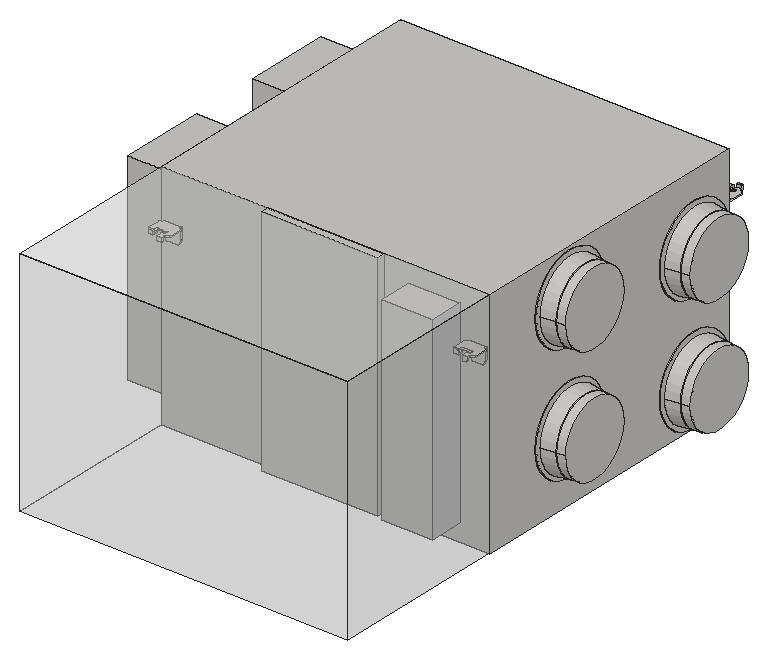
Revit family "outputfile", category 機械設備, Revit 2024
Family settings
  丸型コネクタ寸法 = 半径を使用
  パーツ タイプ = 標準
  OmniClass 番号 = 23.75.10.34.21
  OmniClass タイトル = Heat Exchangers for Ventilation Air
  作業面ベース = いいえ
  常に垂直 = はい
  ロード時にボイドで切り取り = いいえ
  注釈の向きを維持 = いいえ
  共有 = いいえ
  部屋計算ポイント = はい
Parameters (values of type "VAM1500HVE")
  Description = ""
  製造元 = "Daikin"
  書き出し IFC クラス(タイプ) = "IfcAirToAirHeatRecoveryType"
  定義済み IFC タイプ(タイプ) = "ROTARYWHEEL"
  Cost = 0
  モデル = "VAM1500HVE"
  Type Comments = ""
  Keynote = ""
  Type Image = (empty or 0)
  Assembly Code = ""
  w_maintenacecover = 395.0 mm  # constant formula
  r2_airconnection_top = 123.0 mm  # constant formula
  r1_airconnection_top = 125.0 mm  # constant formula
  r1_airconnection_bottom = 131.5 mm  # constant formula
  r0_airconnection = 146.0 mm  # constant formula
  Voltage_comment_60Hz = "220-240"
  Voltage_comment_50Hz = "220-240"
  Voltage_60Hz = 220 V
  Voltage_50Hz = 220 V
  URL = ""
  Phase_60Hz = 1
  Phase_50Hz = 1
  Minimum External Static Pressure = 123.00 Pa
  Minimum Circuit Amps_60Hz = 9.44 A
  Minimum Circuit Amps_50Hz = 9.44 A
  Maximum Fuse Amps_60Hz = 15.0 A
  Maximum Fuse Amps_50Hz = 15.0 A
  Maximum External Static Pressure = 215.00 Pa
  Material_Casing = DAIKIN_GalvanizedSteel_Casing_indoorunit
  lw_mountinghole = 1034.0 mm  # constant formula
  w_controlbox_right = 101.0 mm  # constant formula
  w_controlbox = 170.0 mm  # constant formula
  r_SAduct = SA Duct Size Diameter / 2  # 125.0 mm
  r_RAduct = RA Duct Size Diameter / 2  # 125.0 mm
  lh_mounting = lh_mountinghole + [h***]  # 625.0 mm
  lh_antena = Height - lh_mountinghole + 1.0 mm  # 161.0 mm
  lh_SA1 = 235.0 mm  # constant formula
  lh_SA2 = 632.0 mm  # constant formula
  lh_RA1 = 153.0 mm  # constant formula
  lh_RA2 = 550.0 mm  # constant formula
  lh_OA = 433.0 mm  # constant formula
  lh_EA = 433.0 mm  # constant formula
  ld_SA = 333.0 mm  # constant formula
  ld_RA = 152.0 mm  # constant formula
  ld_OA = 152.0 mm  # constant formula
  ld_EA = 333.0 mm  # constant formula
  lh_mountinghole = 625.0 mm  # constant formula
  h_controlbox = 666.0 mm  # constant formula
  h*** = 0.0 mm  # constant formula
  d_total_airconnection = d1_airconnection + d2_airconnection  # 89.0 mm
  d_outdoorductsize = 120.0 mm  # constant formula
  d_maintenacecover = 26.0 mm  # constant formula
  ld_mountinghole = 1115.0 mm  # constant formula
  d_controlbox = 117.0 mm  # constant formula
  d2_airconnection = 31.0 mm  # constant formula
  d1_airconnection = 58.0 mm  # constant formula
  d0_airconnection = 6.5 mm  # constant formula
  Width = 1110.0 mm
  Version = "ver.1.0"
  Unit Type = "Heat Recovery Ventilator"
  Unit Mass Weight = 133.00 kg
  Unit Designation [instance] = ""
  Uniclass2015Version = "Products v1.30"
  Uniclass2015Title = "Thermal wheels"
  Uniclass2015Code = "Pr_60_60_36_88"
  Temperature exchange efficiency (Heating) = 77.50%
  Temperature exchange efficiency (Cooling) = 61.50%
  Supply Air Direction [instance] = yes
  Sound Pressure Level_M speed (dBA) = 41
  Sound Pressure Level_L speed (dBA) = 38
  Sound Pressure Level_H speed (dBA) = 43
  Series = "VRV Fan Coil Unit"
  SA Duct Size Diameter = 250.0 mm
  Refrigerant Type = ""
  RA Duct Size Diameter = 250.0 mm
  Option Accessory 3 [instance] = ""
  Option Accessory 2 [instance] = ""
  Option Accessory 1 [instance] = ""
  OA Duct Size Width = 290.0 mm
  OA Duct Size Height = 680.0 mm
  Nominal Airflow = 1500.00 m³/h
  Minimum Airflow = 600.00 m³/h
  Median Airflow = 0.00 m³/h
  Maximum Airflow = 2350.00 m³/h
  Load Classification = HVAC
  Link_Nested Family [instance] = ""
  IfcVersion = "0"
  IfcExportType = "ROTARYWHEEL"
  IfcExportAs = "IfcAirToAirHeatRecoveryType"
  Height = 785.0 mm
  Heating Entering Wet Bulb Temperature [instance] = 0.00 °C
  Heating Entering Dry Bulb Temperature [instance] = 0.00 °C
  Heating Ambient Wet Bulb Temperature [instance] = 0.00 °C
  Heating Ambient Dry Bulb Temperature [instance] = 0.00 °C
  Frequency_60Hz = 60 Hz
  Frequency_50Hz = 50 Hz
  Fan Type = "Sirocco Fan"
  Fan Drive = "Direct Drive"
  FCU Tag No. [instance] = ""
  Enthalpy exchange efficiency (Heating) = 72.00%
  Enthalpy exchange efficiency (Cooling) = 63.00%
  EA Duct Size Width = 290.0 mm
  EA Duct Size Height = 680.0 mm
  Design Supply Airflow [instance] = 0.00 m³/h
  Design Return Airflow [instance] = 0.00 m³/h
  Design Outdoor Airflow [instance] = 0.00 m³/h
  Design External Static Pressure [instance] = 0.00 Pa
  Design Exhaust Airflow [instance] = 0.00 m³/h
  Depth = 1012.0 mm
  既定の高さ = 0.0 mm
  Cooling Entering Wet Bulb Temperature [instance] = 0.00 °C
  Cooling Entering Dry Bulb Temperature [instance] = 0.00 °C
  Cooling Ambient Wet Bulb Temperature [instance] = 0.00 °C
  Cooling Ambient Dry Bulb Temperature [instance] = 0.00 °C
  Clearance visibility [instance] = yes
  Clearance Top = 0.0 mm
  Clearance Right = 0.0 mm
  Clearance Rear = 0.0 mm
  Clearance Left = 0.0 mm
  Clearance Front = 600.0 mm
  Clearance Bottom = 0.0 mm
Reference planes
  plane 1 "Center (Front/Back)": y = 0
  plane 2: z = 0
  plane 3 "Center (Left/Right)": x = 0
  plane 4 "Back": y = 506
  plane 5 "Front": y = -506
  plane 6 "Left": x = -555
  plane 7 "Right": x = 555
  plane 8 "Top": z = 0
  plane 9 "mountinghole_Left": x = -517
  plane 10 "mountinghole_Right": x = 517
  plane 11 "mountinghole_Back": y = 557.5
  plane 12 "mountinghole_Front": y = -557.5
  plane 13 "Center (Elevation)": z = -392.5
  plane 14 "h_mounting": z = -160
  plane 15 "w_maintenacecover_left": x = -197.5
  plane 16 "w_maintenacecover_right": x = 197.5
  plane 17 "Clearance Front": y = -1106
  plane 18 "Clearance Left": x = -555
  plane 19 "Clearance Right": x = 555
  plane 20 "Clearance Rear": y = 506
  plane 21 "Clearance Top": z = 0
  plane 22 "Clearance Bottom": z = -785
  plane 23 "d_maintenacecover": y = -532
  plane 24 "d_controlbox": y = -623
  plane 25 "w_controlbox_left": x = 284
  plane 26 "w_controlbox_right": x = 454
  plane 27 "Bottom": z = -785
  plane 28 "h_controlbox_top": z = -59.5
  plane 29 "h_controlbox_bottom": z = -725.5
  plane 30 "lh_OA": z = -352
  plane 31 "lh_EA": z = -352
  plane 32 "lh_SA": z = -550
  plane 33 "lh_RA": z = -632
  plane 34 "ld_EA": y = 173
  plane 35 "ld_OA": y = -354
  plane 36 "ld_RA": y = 354
  plane 37 "ld_SA": y = -173
  plane 38 "d_outdoorductsize": x = -675
  plane 39 "lh_RA_above": z = -235
  plane 40 "lh_SA_above": z = -153
  plane 41 "lw_powersuply": x = 369
  plane 42 "lh_powersuply": z = -393
Forms (mm)
  Extrusion 1, solid, material "DAIKIN_GalvanizedSteel_Casing_indoorunit" <- "Material_Casing"
    sketch origin (0, 0, 200) x (1, 0, 0) y (0, 1, 0)
      loop
        line (-555, 506) -> (-555, -506) -> (555, -506) -> (555, 506) -> (-555, 506)
    from -985 to -200
  Extrusion 2, solid, material "DAIKIN_GalvanizedSteel_Casing_indoorunit" <- "Material_Casing"
    sketch origin (0, 0, 0) x (1, 0, 0) y (0, 1, 0)
      loop
        line (-197.5, -506) -> (-197.5, -532) -> (197.5, -532) -> (197.5, -506) -> (-197.5, -506)
    from -785 to 0
  Extrusion 3, solid, material "DAIKIN_GalvanizedSteel_Casing_indoorunit" <- "Material_Casing"
    sketch origin (0, 0, 0) x (1, 0, 0) y (0, 1, 0)
      loop
        line (284, -506) -> (284, -623) -> (454, -623) -> (454, -506) -> (284, -506)
    from -725.5 to -59.5
  Extrusion 4, solid, material "DAIKIN_GalvanizedSteel_Casing_indoorunit" <- "Material_Casing"
    sketch origin (0, 0, 0) x (0, 1, 0) y (0, 0, 1)
      loop
        line (318, -12) -> (28, -12) -> (28, -692) -> (318, -692) -> (318, -12)
    from -675 to -555
  Extrusion 5, solid, material "DAIKIN_GalvanizedSteel_Casing_indoorunit" <- "Material_Casing"
    sketch origin (0, 0, 0) x (0, 1, 0) y (0, 0, 1)
      loop
        line (-209, -12) -> (-499, -12) -> (-499, -692) -> (-209, -692) -> (-209, -12)
    from -555 to -675
Dimensions and locks
  equal spacing: plane 6 "Left", plane 3 "Center (Left/Right)", plane 7 "Right"
  "Width": plane 6 "Left" to plane 7 "Right"
  equal spacing: plane 4 "Back", plane 1 "Center (Front/Back)", plane 5 "Front"
  "Depth": plane 4 "Back" to plane 5 "Front"
  "lw_mountinghole": plane 9 "mountinghole_Left" to plane 10 "mountinghole_Right"
  equal spacing: plane 9 "mountinghole_Left", plane 3 "Center (Left/Right)", plane 10 "mountinghole_Right"
  equal spacing: plane 11 "mountinghole_Back", plane 1 "Center (Front/Back)", plane 12 "mountinghole_Front"
  "ld_mountinghole": plane 11 "mountinghole_Back" to plane 12 "mountinghole_Front"
  "Clearance Front": plane 5 "Front" to plane 17 "Clearance Front"
  "Clearance Left": plane 18 "Clearance Left" to plane 6 "Left"
  "Clearance Right": plane 7 "Right" to plane 19 "Clearance Right"
  "Clearance Rear": plane 4 "Back" to plane 20 "Clearance Rear"
  "w_controlbox_right": plane 26 "w_controlbox_right" to plane 7 "Right"
  "w_controlbox": plane 25 "w_controlbox_left" to plane 26 "w_controlbox_right"
  equal spacing: plane 15 "w_maintenacecover_left", plane 3 "Center (Left/Right)", plane 16 "w_maintenacecover_right"
  "w_maintenacecover": plane 15 "w_maintenacecover_left" to plane 16 "w_maintenacecover_right"
  "lh_mountinghole": plane 14 "h_mounting" to plane 27 "Bottom"
  "Height": plane 8 "Top" to plane 27 "Bottom"
  equal spacing: plane 8 "Top", plane 13 "Center (Elevation)", plane 27 "Bottom"
  "Clearance Top": plane 21 "Clearance Top" to plane 8 "Top"
  "Clearance Bottom": plane 27 "Bottom" to plane 22 "Clearance Bottom"
  equal spacing: plane 28 "h_controlbox_top", plane 13 "Center (Elevation)", plane 29 "h_controlbox_bottom"
  "h_controlbox": plane 28 "h_controlbox_top" to plane 29 "h_controlbox_bottom"
  "d_controlbox": plane 5 "Front" to plane 24 "d_controlbox"
  "d_maintenacecover": plane 5 "Front" to plane 23 "d_maintenacecover"
  "lh_SA1": plane 32 "lh_SA" to plane 27 "Bottom"
  "lh_RA1": plane 33 "lh_RA" to plane 27 "Bottom"
  "ld_OA": plane 35 "ld_OA" to plane 5 "Front"
  "ld_EA": plane 4 "Back" to plane 34 "ld_EA"
  "ld_RA": plane 4 "Back" to plane 36 "ld_RA"
  "ld_SA": plane 37 "ld_SA" to plane 5 "Front"
  "lh_EA": plane 31 "lh_EA" to plane 27 "Bottom"
  "lh_OA": plane 30 "lh_OA" to plane 27 "Bottom"
  equal spacing: Extrusion 4 sketch curve, plane 34 "ld_EA", Extrusion 4 sketch curve
  "EA Duct Size Width": Extrusion 4 sketch curve to Extrusion 4 sketch curve
  "EA Duct Size Height": Extrusion 4 sketch curve to Extrusion 4 sketch curve
  equal spacing: Extrusion 5 sketch curve, plane 35 "ld_OA", Extrusion 5 sketch curve
  "OA Duct Size Width": Extrusion 5 sketch curve to Extrusion 5 sketch curve
  equal spacing: Extrusion 4 sketch curve, plane 31 "lh_EA", Extrusion 4 sketch curve
  equal spacing: Extrusion 5 sketch curve, plane 30 "lh_OA", Extrusion 5 sketch curve
  "OA Duct Size Height": Extrusion 5 sketch curve to Extrusion 5 sketch curve
  "d_outdoorductsize": plane 38 "d_outdoorductsize" to plane 6 "Left"
  "lh_SA2": plane 40 "lh_SA_above" to plane 27 "Bottom"
  "lh_RA2": plane 39 "lh_RA_above" to plane 27 "Bottom"
  locked: plane 41 "lw_powersuply" to plane 7 "Right" at 186
  locked: plane 42 "lh_powersuply" to plane 27 "Bottom" at 392
  aligned and locked: level to plane 2
  aligned and locked: Extrusion 1 sketch curve to plane 4 "Back"
  aligned and locked: plane 6 "Left" to Extrusion 1 sketch curve
  aligned and locked: plane 5 "Front" to Extrusion 1 sketch curve
  aligned and locked: Extrusion 1 sketch curve to plane 7 "Right"
  aligned and locked: plane 8 "Top" to Extrusion 1
  aligned and locked: nested 1 to plane 10 "mountinghole_Right"
  aligned and locked: nested 1 to plane 5 "Front"
  aligned and locked: plane 9 "mountinghole_Left" to nested 2
  aligned and locked: nested 2 to plane 5 "Front"
  aligned and locked: plane 4 "Back" to nested 3
  aligned and locked: plane 10 "mountinghole_Right" to nested 3
  aligned and locked: nested 4 to plane 9 "mountinghole_Left"
  aligned and locked: plane 4 "Back" to nested 4
  aligned and locked: nested 6 to plane 10 "mountinghole_Right"
  aligned and locked: nested 6 to plane 11 "mountinghole_Back"
  aligned and locked: plane 9 "mountinghole_Left" to nested 7
  aligned and locked: nested 7 to plane 11 "mountinghole_Back"
  aligned and locked: plane 9 "mountinghole_Left" to nested 8
  aligned and locked: plane 12 "mountinghole_Front" to nested 8
  aligned and locked: plane 12 "mountinghole_Front" to nested 9
  aligned and locked: nested 9 to plane 10 "mountinghole_Right"
  aligned and locked: plane 14 "h_mounting" to nested 3
  aligned and locked: plane 14 "h_mounting" to nested 1
  aligned and locked: plane 14 "h_mounting" to nested 4
  aligned and locked: plane 14 "h_mounting" to nested 2
  aligned and locked: nested 5 to plane 17 "Clearance Front"
  aligned and locked: nested 5 to plane 18 "Clearance Left"
  aligned and locked: nested 5 to plane 19 "Clearance Right"
  aligned and locked: nested 5 to plane 20 "Clearance Rear"
  aligned and locked: nested 5 to plane 22 "Clearance Bottom"
  aligned and locked: nested 5 to plane 21 "Clearance Top"
  aligned and locked: plane 27 "Bottom" to Extrusion 1
  aligned and locked: plane 23 "d_maintenacecover" to Extrusion 2 sketch curve
  aligned and locked: plane 16 "w_maintenacecover_right" to Extrusion 2 sketch curve
  aligned and locked: plane 15 "w_maintenacecover_left" to Extrusion 2 sketch curve
  aligned and locked: Extrusion 2 sketch curve to plane 5 "Front"
  aligned and locked: plane 8 "Top" to Extrusion 2
  aligned and locked: Extrusion 2 to plane 27 "Bottom"
  aligned and locked: plane 24 "d_controlbox" to Extrusion 3 sketch curve
  aligned and locked: plane 25 "w_controlbox_left" to Extrusion 3 sketch curve
  aligned and locked: Extrusion 3 sketch curve to plane 5 "Front"
  aligned and locked: Extrusion 3 sketch curve to plane 26 "w_controlbox_right"
  aligned and locked: plane 28 "h_controlbox_top" to Extrusion 3
  aligned and locked: plane 29 "h_controlbox_bottom" to Extrusion 3
  aligned and locked: plane 36 "ld_RA" to nested 10
  aligned and locked: plane 7 "Right" to nested 10
  aligned and locked: plane 37 "ld_SA" to nested 11
  aligned and locked: plane 7 "Right" to nested 11
  aligned and locked: plane 32 "lh_SA" to nested 11
  aligned and locked: plane 33 "lh_RA" to nested 10
  aligned and locked: plane 37 "ld_SA" to nested 13
  aligned and locked: plane 7 "Right" to nested 13
  aligned and locked: plane 36 "ld_RA" to nested 14
  aligned and locked: plane 7 "Right" to nested 14
  aligned and locked: nested 16 to plane 34 "ld_EA"
  aligned and locked: nested 15 to plane 35 "ld_OA"
  aligned and locked: nested 16 to plane 6 "Left"
  aligned and locked: nested 15 to plane 6 "Left"
  aligned and locked: plane 31 "lh_EA" to nested 15
  aligned and locked: nested 16 to plane 31 "lh_EA"
  aligned and locked: nested 14 to plane 33 "lh_RA"
  aligned and locked: nested 13 to plane 32 "lh_SA"
  aligned and locked: Extrusion 4 to plane 6 "Left"
  aligned and locked: Extrusion 4 to plane 38 "d_outdoorductsize"
  aligned and locked: plane 6 "Left" to Extrusion 5
  aligned and locked: Extrusion 5 to plane 38 "d_outdoorductsize"
  aligned and locked: plane 37 "ld_SA" to nested 12
  aligned and locked: nested 17 to plane 36 "ld_RA"
  aligned and locked: plane 37 "ld_SA" to nested 18
  aligned and locked: plane 39 "lh_RA_above" to nested 17
  aligned and locked: plane 40 "lh_SA_above" to nested 18
  aligned and locked: plane 7 "Right" to nested 19
  aligned and locked: plane 36 "ld_RA" to nested 19
  aligned and locked: nested 19 to plane 39 "lh_RA_above"
  aligned and locked: plane 7 "Right" to nested 20
  aligned and locked: plane 37 "ld_SA" to nested 20
  aligned and locked: nested 20 to plane 40 "lh_SA_above"
  aligned and locked: nested 21 to plane 5 "Front"
  aligned and locked: plane 41 "lw_powersuply" to nested 21
  aligned and locked: plane 42 "lh_powersuply" to nested 21
Nested families
  nested 1: "daikin_hangerfixture_VAM-HVE_1500-2000" at (517, -506, -160), type "daikin_hangerfixture_VAM-HVE_1500-2000"
    with depth 76.5 mm
  nested 2: "daikin_hangerfixture_VAM-HVE_1500-2000" at (-517, -506, -160), type "daikin_hangerfixture_VAM-HVE_1500-2000"
    with depth 76.5 mm
  nested 3: "daikin_hangerfixture_VAM-HVE_1500-2000" at (517, 506, -160) x (-1, 0, 0) z (0, 0, 1), type "daikin_hangerfixture_VAM-HVE_1500-2000"
    with depth 76.5 mm
  nested 4: "daikin_hangerfixture_VAM-HVE_1500-2000" at (-517, 506, -160) x (-1, 0, 0) z (0, 0, 1), type "daikin_hangerfixture_VAM-HVE_1500-2000"
    with depth 76.5 mm
  nested 5: "daikin_clearancespace" at (0, -300, -392.381), visible <- "Clearance visibility", show <- "Clearance visibility", Link_Nested Family <- "Link_Nested Family", type "daikin_clearancespace"
    with width 1110.0 mm, show yes, height 785.0 mm, depth 1612.0 mm, Link_Nested Family ""
  nested 6: "daikin_mountinghole" at (517, 557.5, -785), l_antenna <- "lh_antena", Link_Nested Family <- "Link_Nested Family", h_mountinghole <- "lh_mounting", type "daikin_mountinghole"
    with show yes, l_antenna 161.0 mm, h_mountinghole 625.0 mm, Link_Nested Family ""
  nested 7: "daikin_mountinghole" at (-517, 557.5, -785), l_antenna <- "lh_antena", Link_Nested Family <- "Link_Nested Family", h_mountinghole <- "lh_mounting", type "daikin_mountinghole"
    with show yes, l_antenna 161.0 mm, h_mountinghole 625.0 mm, Link_Nested Family ""
  nested 8: "daikin_mountinghole" at (-517, -557.5, -785), l_antenna <- "lh_antena", Link_Nested Family <- "Link_Nested Family", h_mountinghole <- "lh_mounting", type "daikin_mountinghole"
    with show yes, l_antenna 161.0 mm, h_mountinghole 625.0 mm, Link_Nested Family ""
  nested 9: "daikin_mountinghole" at (517, -557.5, -785), l_antenna <- "lh_antena", Link_Nested Family <- "Link_Nested Family", h_mountinghole <- "lh_mounting", type "daikin_mountinghole"
    with show yes, l_antenna 161.0 mm, h_mountinghole 625.0 mm, Link_Nested Family ""
  nested 10: "daikin_airconnection_VAM-HVE_1500-2000" at (555, 354, -632) x (0, 1, 0) z (0, 0, 1), d0 <- "d0_airconnection", d1 <- "d1_airconnection", d2 <- "d2_airconnection", r0 <- "r0_airconnection", r1_bottom <- "r1_airconnection_bottom", r1_top <- "r1_airconnection_top", r2_top <- "r2_airconnection_top", type "daikin_airconnection_VAM-HVE_1500-2000"
    with r2_top 123.0 mm, r2_bottom 125.0 mm, r1_top 125.0 mm, r1_bottom 131.5 mm, r0 146.0 mm, d_total 89.0 mm, d2 31.0 mm, d1 58.0 mm, d0 6.5 mm
  nested 11: "daikin_airconnection_VAM-HVE_1500-2000" at (555, -173, -550) x (0, 1, 0) z (0, 0, 1), d0 <- "d0_airconnection", d1 <- "d1_airconnection", d2 <- "d2_airconnection", r0 <- "r0_airconnection", r1_bottom <- "r1_airconnection_bottom", r1_top <- "r1_airconnection_top", r2_top <- "r2_airconnection_top", type "daikin_airconnection_VAM-HVE_1500-2000"
    with r2_top 123.0 mm, r2_bottom 125.0 mm, r1_top 125.0 mm, r1_bottom 131.5 mm, r0 146.0 mm, d_total 89.0 mm, d2 31.0 mm, d1 58.0 mm, d0 6.5 mm
  nested 12: "daikin_△_symbolicline" at (0, -173, 785) x (0, 1, 0) z (0, 0, 1), built-in parameter 1001360 <- "Height", visible <- "Supply Air Direction", type "daikin_△_symbolicline"
    with length 500.0 mm
  nested 13: "daikin_connector_rotate2" at (555, -173, -550) x (0, 1, 0) z (0, 0, 1), length <- "d_total_airconnection", radius <- "r_SAduct", type "daikin_connector_rotate2"
    with radius 125.0 mm, length 89.0 mm, angle_vertical 90.00°, show_face no
  nested 14: "daikin_connector_rotate2" at (555, 354, -632) x (0, 1, 0) z (0, 0, 1), length <- "d_total_airconnection", radius <- "r_RAduct", type "daikin_connector_rotate2"
    with radius 125.0 mm, length 89.0 mm, angle_vertical 90.00°, show_face no
  nested 15: "daikin_connector_rotate2" at (-555, -354, -352) x (0, -1, 0) z (0, 0, 1), length <- "d_outdoorductsize", type "daikin_connector_rotate2"
    with radius 10.0 mm, length 120.0 mm, angle_vertical 90.00°, show_face no
  nested 16: "daikin_connector_rotate2" at (-555, 173, -352) x (0, -1, 0) z (0, 0, 1), length <- "d_outdoorductsize", type "daikin_connector_rotate2"
    with radius 10.0 mm, length 120.0 mm, angle_vertical 90.00°, show_face no
  nested 17: "daikin_airconnection_VAM-HVE_1500-2000" at (555, 354, -235) x (0, 1, 0) z (0, 0, 1), d0 <- "d0_airconnection", d1 <- "d1_airconnection", d2 <- "d2_airconnection", r0 <- "r0_airconnection", r1_bottom <- "r1_airconnection_bottom", r1_top <- "r1_airconnection_top", r2_top <- "r2_airconnection_top", type "daikin_airconnection_VAM-HVE_1500-2000"
    with r2_top 123.0 mm, r2_bottom 125.0 mm, r1_top 125.0 mm, r1_bottom 131.5 mm, r0 146.0 mm, d_total 89.0 mm, d2 31.0 mm, d1 58.0 mm, d0 6.5 mm
  nested 18: "daikin_airconnection_VAM-HVE_1500-2000" at (555, -173, -153) x (0, 1, 0) z (0, 0, 1), d0 <- "d0_airconnection", d1 <- "d1_airconnection", d2 <- "d2_airconnection", r0 <- "r0_airconnection", r1_bottom <- "r1_airconnection_bottom", r1_top <- "r1_airconnection_top", r2_top <- "r2_airconnection_top", type "daikin_airconnection_VAM-HVE_1500-2000"
    with r2_top 123.0 mm, r2_bottom 125.0 mm, r1_top 125.0 mm, r1_bottom 131.5 mm, r0 146.0 mm, d_total 89.0 mm, d2 31.0 mm, d1 58.0 mm, d0 6.5 mm
  nested 19: "daikin_connector_rotate2" at (555, 354, -235) x (0, 1, 0) z (0, 0, 1), length <- "d_total_airconnection", radius <- "r_RAduct", type "daikin_connector_rotate2"
    with radius 125.0 mm, length 89.0 mm, angle_vertical 90.00°, show_face no
  nested 20: "daikin_connector_rotate2" at (555, -173, -153) x (0, 1, 0) z (0, 0, 1), length <- "d_total_airconnection", radius <- "r_SAduct", type "daikin_connector_rotate2"
    with radius 125.0 mm, length 89.0 mm, angle_vertical 90.00°, show_face no
  nested 21: "daikin_connector_rotate2" at (369, -506, -393), length <- "d_controlbox", type "daikin_connector_rotate2"
    with radius 10.0 mm, length 117.0 mm, angle_vertical 90.00°, show_face no
Connectors
  hvac at (644, 354, -632), driven by "r_RAduct"
    settings: on nested 14, index 3, duct flow 0.00 m³/h, flow factor 0, pres drop 0.00 Pa, loss coef 0, conn angle 0.00°, conn width 304.8 mm, conn height 304.8 mm, conn diameter 250.0 mm, duct sys type 2, conn prof type 0, flow config 0, flow direction 1, loss method 4, conn ref index -1, conn util no, is conn primary no, conn desc "RA Duct1"
  hvac at (644, -173, -550), driven by "r_SAduct"
    settings: on nested 13, index 4, duct flow 0.00 m³/h, flow factor 0, pres drop 0.00 Pa, loss coef 0, conn angle 0.00°, conn width 304.8 mm, conn height 304.8 mm, conn diameter 250.0 mm, duct sys type 1, conn prof type 0, flow config 0, flow direction 2, loss method 4, conn ref index -1, conn util no, is conn primary yes, conn desc "SA Duct1"
  hvac at (644, -173, -153), driven by "r_SAduct"
    settings: on nested 20, index 6, duct flow 0.00 m³/h, flow factor 0, pres drop 0.00 Pa, loss coef 0, conn angle 0.00°, conn width 304.8 mm, conn height 304.8 mm, conn diameter 250.0 mm, duct sys type 1, conn prof type 0, flow config 0, flow direction 2, loss method 4, conn ref index -1, conn util no, is conn primary no, conn desc "SA Duct2"
  hvac at (644, 354, -235), driven by "r_RAduct"
    settings: on nested 19, index 7, duct flow 0.00 m³/h, flow factor 0, pres drop 0.00 Pa, loss coef 0, conn angle 0.00°, conn width 304.8 mm, conn height 304.8 mm, conn diameter 250.0 mm, duct sys type 2, conn prof type 0, flow config 0, flow direction 1, loss method 4, conn ref index -1, conn util no, is conn primary no, conn desc "RA Duct2"
  hvac at (-675, 173, -352), driven by "EA Duct Size Height", driven by "EA Duct Size Width"
    settings: on nested 16, index 8, duct flow 0.00 m³/h, flow factor 0, pres drop 0.00 Pa, loss coef 0, conn angle 0.00°, conn width 290.0 mm, conn height 680.0 mm, conn diameter 609.6 mm, duct sys type 3, conn prof type 1, flow config 0, flow direction 2, loss method 4, conn ref index -1, conn util no, is conn primary no, conn desc "EA Duct"
  hvac at (-675, -354, -352), driven by "OA Duct Size Height", driven by "OA Duct Size Width"
    settings: on nested 15, index 9, duct flow 0.00 m³/h, flow factor 0, pres drop 0.00 Pa, loss coef 0, conn angle 0.00°, conn width 290.0 mm, conn height 680.0 mm, conn diameter 609.6 mm, duct sys type 1, conn prof type 1, flow config 0, flow direction 1, loss method 4, conn ref index -1, conn util no, is conn primary no, conn desc "OA Duct"
  electrical at (369, -623, -393), driven by "Load Classification"
    settings: on nested 21, index 10, voltage 0 V, apparent load 0 VA, apparent load phase1 0 VA, apparent load phase2 0 VA, apparent load phase3 0 VA, power factor 1, load classification "HVAC", number of poles 1, system type 30, power factor state 1, is connector primary yes, connector utility no, sub classification motor no, connector description "Power Supply"
Definition of nested family "daikin_hangerfixture_VAM-HVE_1500-2000"
  Parameters (values of type "daikin_hangerfixture_VAM")
    width = 76.0 mm
    material = none
    height = 0.0 mm
    depth = 75.0 mm
    Default Elevation = 0.0 mm
  Reference planes
    plane 1 "Center (Front/Back)": y = 0
    plane 2: z = 0
    plane 3 "Center (Left/Right)": x = 0
    plane 4: y = -75
    plane 5: x = -38
    plane 6: x = 38
    plane 7: z = -3.2
    plane 8: z = -57
    plane 9: x = -28
    plane 10: x = 28
    plane 11: y = -3.2
    plane 12: z = 11.8
    plane 13: z = -15
    plane 14: y = -71.8
  Forms (mm)
    Extrusion 1, solid, material <- "material"
      sketch origin (0, 0, 0) x (1, 0, 0) y (0, 1, 0)
        loop
          line (-28, 0) -> (-28, -5)
          arc (-28, -5) -> (-29.464, -8.536) -> (-33, -10) r 5
          arc (-33, -10) -> (-36.536, -11.464) -> (-38, -15) r 5
          line (-38, -15) -> (-38, -52.597)
          arc (-38, -52.597) -> (-37.507, -54.763) -> (-36.123, -56.501) r 5
          line (-36.123, -56.501) -> (-24.877, -65.499)
          arc (-24.877, -65.499) -> (-23.493, -67.237) -> (-23, -69.403) r 5
          line (-23, -69.403) -> (-23, -75) -> (-7, -75) -> (-7, -60)
          arc (-7, -60) -> (-7.879, -57.879) -> (-10, -57) r 3
          line (-10, -57) -> (-13, -57)
          arc (-13, -57) -> (-20, -50) -> (-13, -43) r 7
          line (-13, -43) -> (13, -43)
          arc (13, -43) -> (20, -50) -> (13, -57) r 7
          line (13, -57) -> (10, -57)
          arc (10, -57) -> (7.879, -57.879) -> (7, -60) r 3
          line (7, -60) -> (7, -75) -> (23, -75) -> (23, -69.403)
          arc (23, -69.403) -> (23.493, -67.237) -> (24.877, -65.499) r 5
          line (24.877, -65.499) -> (36.123, -56.501)
          arc (36.123, -56.501) -> (37.507, -54.763) -> (38, -52.597) r 5
          line (38, -52.597) -> (38, -15)
          arc (38, -15) -> (36.536, -11.464) -> (33, -10) r 5
          arc (33, -10) -> (29.464, -8.536) -> (28, -5) r 5
          line (28, -5) -> (28, 0) -> (-28, 0)
      from 0 to -3.2
    Extrusion 2, solid, material <- "material"
      sketch origin (0, 0, 0) x (1, 0, 0) y (0, 0, 1)
        loop
          line (28, 0) -> (-28, 0) -> (-28, -38.882)
          arc (-28, -38.882) -> (-27.88, -39.973) -> (-27.524, -41.011) r 5
          line (-27.524, -41.011) -> (-21.351, -54.129)
          arc (-21.351, -54.129) -> (-19.506, -56.222) -> (-16.827, -57) r 5
          line (-16.827, -57) -> (16.827, -57)
          arc (16.827, -57) -> (19.506, -56.222) -> (21.351, -54.129) r 5
          line (21.351, -54.129) -> (27.524, -41.011)
          arc (27.524, -41.011) -> (27.88, -39.973) -> (28, -38.882) r 5
          line (28, -38.882) -> (28, 0)
      from 0 to 3.2
    Extrusion 3, solid, material <- "material"
      sketch origin (0, 0, 0) x (1, 0, 0) y (0, 0, 1)
        loop
          line (-23, -3.2) -> (-7, -3.2) -> (-7, 8.8)
          arc (-7, 8.8) -> (-7.879, 10.921) -> (-10, 11.8) r 3
          line (-10, 11.8) -> (-20, 11.8)
          arc (-20, 11.8) -> (-22.121, 10.921) -> (-23, 8.8) r 3
          line (-23, 8.8) -> (-23, -3.2)
        loop
          line (7, 0) -> (7, -12)
          arc (7, -12) -> (7.879, -14.121) -> (10, -15) r 3
          line (10, -15) -> (20, -15)
          arc (20, -15) -> (22.121, -14.121) -> (23, -12) r 3
          line (23, -12) -> (23, 0) -> (7, 0)
      from 71.8 to 75
  Cuts and joins
    joined: Extrusion 1, Extrusion 2, Extrusion 3
  Dimensions and locks
    "depth": plane 4 to plane 1 "Center (Front/Back)"
    equal spacing: plane 5, plane 3 "Center (Left/Right)", plane 6
    "width": plane 5 to plane 6
    plane 2 to plane 7 = 3.2 mm
    locked: plane 2 to plane 8 at 57
    locked: plane 9 to plane 10 at 56
    equal spacing: plane 9, plane 3 "Center (Left/Right)", plane 10
    locked: plane 11 to plane 1 "Center (Front/Back)" at 3.2
    locked: plane 12 to plane 7 at 15
    locked: plane 2 to plane 13 at 15
    plane 14 to plane 4 = 3.2 mm
    aligned and locked: level to plane 2
    aligned and locked: plane 1 "Center (Front/Back)" to Extrusion 1 sketch curve
    aligned and locked: plane 4 to Extrusion 1 sketch curve  (x2)
    aligned and locked: Extrusion 1 to plane 5
    aligned and locked: plane 6 to Extrusion 1
    aligned and locked: Extrusion 1 to plane 7
    aligned and locked: Extrusion 2 sketch curve to plane 2
    aligned and locked: Extrusion 2 to plane 8
    aligned and locked: plane 9 to Extrusion 2
    aligned and locked: Extrusion 2 to plane 10
    aligned and locked: Extrusion 2 to plane 1 "Center (Front/Back)"
    aligned and locked: Extrusion 2 to plane 11
    aligned and locked: Extrusion 3 sketch curve to plane 7
    aligned and locked: Extrusion 3 sketch curve to plane 2
    aligned and locked: Extrusion 3 to plane 12
    aligned and locked: Extrusion 3 to plane 13
    aligned and locked: Extrusion 3 to plane 4
    aligned and locked: plane 14 to Extrusion 3
  Automatic sketch dimensions
    plane 3 "Center (Left/Right)" to Extrusion 1 sketch curve = 28.0 mm
    plane 1 "Center (Front/Back)" to Extrusion 1 sketch curve = 5.0 mm
    Extrusion 1 sketch curve to Extrusion 1 sketch curve = 5.0 mm  (x8)
    plane 4 to Extrusion 1 sketch curve = 22.403 mm
    Extrusion 1 sketch curve to Extrusion 1 sketch curve = 1.877 mm  (x2)
    plane 4 to Extrusion 1 sketch curve = 9.501 mm
    Extrusion 1 sketch curve to Extrusion 1 sketch curve = 11.247 mm  (x2)
    Extrusion 1 sketch curve to Extrusion 1 sketch curve = 3.123 mm  (x2)
    Extrusion 1 sketch curve to Extrusion 1 sketch curve = 3.904 mm  (x2)
    plane 3 "Center (Left/Right)" to Extrusion 1 sketch curve = 7.0 mm
    plane 4 to Extrusion 1 sketch curve = 15.0 mm
    Extrusion 1 sketch curve to Extrusion 1 sketch curve = 3.0 mm  (x4)
    Extrusion 1 sketch curve to Extrusion 1 sketch curve = 7.0 mm  (x2)
    Extrusion 1 sketch curve to plane 3 "Center (Left/Right)" = 13.0 mm
    Extrusion 1 sketch curve to Extrusion 1 sketch curve = 16.0 mm
    plane 4 to Extrusion 1 sketch curve = 5.597 mm
    Extrusion 1 sketch curve to Extrusion 1 sketch curve = 8.998 mm
    plane 1 "Center (Front/Back)" to Extrusion 1 sketch curve = 15.0 mm
    plane 5 to Extrusion 2 sketch curve = 10.0 mm
    Extrusion 2 sketch curve to Extrusion 2 sketch curve = 0.476 mm  (x2)
    Extrusion 2 sketch curve to Extrusion 2 sketch curve = 4.524 mm  (x4)
    Extrusion 2 sketch curve to Extrusion 2 sketch curve = 6.173 mm  (x2)
    plane 3 "Center (Left/Right)" to Extrusion 2 sketch curve = 16.827 mm
    Extrusion 2 sketch curve to plane 7 = 35.682 mm  (x2)
    Extrusion 2 sketch curve to Extrusion 2 sketch curve = 13.118 mm  (x2)
    Extrusion 2 sketch curve to Extrusion 2 sketch curve = 2.129 mm
    Extrusion 3 sketch curve to plane 9 = 5.0 mm
    Extrusion 3 sketch curve to Extrusion 3 sketch curve = 3.0 mm  (x4)
    Extrusion 3 sketch curve to Extrusion 3 sketch curve = 10.0 mm
    plane 3 "Center (Left/Right)" to Extrusion 3 sketch curve = 7.0 mm
    plane 10 to Extrusion 3 sketch curve = 8.0 mm
    Extrusion 3 sketch curve to plane 7 = 8.8 mm
    level to Extrusion 3 sketch curve = 8.8 mm
Definition of nested family "daikin_clearancespace"
  Parameters (values of type "daikin_clearancespace")
    width [instance] = 1823.963 mm
    show [instance] = yes
    material = none
    height [instance] = 1359.762 mm
    depth [instance] = 880.0 mm
    Default Elevation = 0.0 mm
    Link_Nested Family [instance] = ""
  Reference planes
    plane 1 "Center (Front/Back)": y = 0
    plane 2 "Center (Elevation)": z = -0.119
    plane 3 "Center (Left/Right)": x = 0
    plane 4: y = 440
    plane 5: y = -440
    plane 6 "Right": x = 911.982
    plane 7 "Left": x = -911.982
    plane 8 "Top": z = 679.762
    plane 9 "Bottom": z = -680
  Forms (mm)
    Extrusion 1, solid, material <- "material", visible <- "show"
      sketch origin (0, 0, 0) x (1, 0, 0) y (0, 1, 0)
        loop
          line (-911.982, 440) -> (-911.982, -440) -> (911.982, -440) -> (911.982, 440) -> (-911.982, 440)
      from -680 to 679.762
  Lines and regions (mm)
    symbolic lines, visible <- "show"
      curve 1: line (911.982, 440, 0) -> (-911.982, 440, 0)
      curve 2: line (-911.982, 440, 0) -> (-911.982, -440, 0)
      curve 3: line (-911.982, -440, 0) -> (911.982, -440, 0)
      curve 4: line (911.982, -440, 0) -> (911.982, 440, 0)
      curve 5: line (911.982, 0, 679.762) -> (-911.982, 0, 679.762)
      curve 6: line (911.982, 0, -680) -> (911.982, 0, 679.762)
      curve 7: line (-911.982, 0, -680) -> (911.982, 0, -680)
      curve 8: line (-911.982, 0, 679.762) -> (-911.982, 0, -680)
      curve 9: line (0, 440, 679.762) -> (0, -440, 679.762)
      curve 10: line (0, -440, 679.762) -> (0, -440, -680)
      curve 11: line (0, 440, -680) -> (0, 440, 679.762)
      curve 12: line (0, -440, -680) -> (0, 440, -680)
  Dimensions and locks
    "width": plane 7 "Left" to plane 6 "Right"
    "depth": plane 4 to plane 5
    "height": plane 8 "Top" to plane 9 "Bottom"
    equal spacing: plane 7 "Left", plane 3 "Center (Left/Right)", plane 6 "Right"
    equal spacing: plane 4, plane 1 "Center (Front/Back)", plane 5
    equal spacing: plane 8 "Top", plane 2 "Center (Elevation)", plane 9 "Bottom"
    aligned and locked: level to plane 2 "Center (Elevation)"
    aligned and locked: Extrusion 1 sketch curve to plane 4
    aligned and locked: plane 7 "Left" to Extrusion 1 sketch curve
    aligned and locked: Extrusion 1 sketch curve to plane 5
    aligned and locked: Extrusion 1 sketch curve to plane 6 "Right"
    aligned and locked: plane 8 "Top" to Extrusion 1
    aligned and locked: curve 1 to Extrusion 1
    aligned and locked: curve 2 to Extrusion 1
    aligned and locked: curve 3 to Extrusion 1
    aligned and locked: curve 4 to Extrusion 1
    aligned and locked: curve 5 to Extrusion 1
    aligned and locked: curve 6 to Extrusion 1
    aligned and locked: curve 7 to Extrusion 1
    aligned and locked: curve 8 to Extrusion 1
    aligned and locked: curve 9 to Extrusion 1
    aligned and locked: curve 10 to Extrusion 1
    aligned and locked: curve 11 to Extrusion 1
    aligned and locked: curve 12 to Extrusion 1
    aligned and locked: Extrusion 1 to plane 9 "Bottom"
Definition of nested family "daikin_airconnection_VAM-HVE_1500-2000"
  Parameters (values of type "daikin_airconnection_VAM")
    width = 0.0 mm
    r2_top [instance] = 123.0 mm
    r2_bottom [instance] = r1_top  # 125.0 mm
    r1_top [instance] = 125.0 mm
    r1_bottom [instance] = 131.5 mm
    r0 [instance] = 146.0 mm
    material = none
    height = 0.0 mm
    depth = 0.0 mm
    d_total [instance] = d2 + d1  # 89.0 mm
    d2 [instance] = 31.0 mm
    d1 [instance] = 58.0 mm
    d0 [instance] = 6.5 mm
    Default Elevation = 0.0 mm
  Reference planes
    plane 1 "Center (Front/Back)": y = 0
    plane 2 "Center (Elevation)": z = 0
    plane 3 "Center (Left/Right)": x = 0
    plane 4 "d1": y = -58
    plane 5 "d2": y = -89
    plane 6 "d0": y = -6.5
  Forms (mm)
    Blend 1, solid, material <- "material"
      base sketch origin (0, 0, 0) x (1, 0, 0) y (0, 0, 1)
        loop
          circle (0, 0) r 131.5
      top sketch origin (0, 0, 0) x (1, 0, 0) y (0, 0, 1)
        loop
          circle (0, 0) r 125
      from 6.5 to 58
    Blend 2, solid, material <- "material"
      base sketch origin (0, 0, 0) x (1, 0, 0) y (0, 0, 1)
        loop
          circle (0, 0) r 125
      top sketch origin (0, 0, 0) x (1, 0, 0) y (0, 0, 1)
        loop
          circle (0, 0) r 123
      from 58 to 89
    Extrusion 3, solid, material <- "material"
      sketch origin (0, 0, 0) x (1, 0, 0) y (0, 0, 1)
        loop
          circle (0, 0) r 146
      from 0 to 6.5
  Dimensions and locks
    "d1": plane 4 "d1" to plane 1 "Center (Front/Back)"
    "d2": plane 4 "d1" to plane 5 "d2"
    "d0": plane 6 "d0" to plane 1 "Center (Front/Back)"
    "r1_bottom": radius of Blend 1 sketch curve
    "r1_top": radius of Blend 1 sketch curve
    "r2_bottom": radius of Blend 2 sketch curve
    "r2_top": radius of Blend 2 sketch curve
    "r0": radius of Extrusion 3 sketch curve
    aligned and locked: level to plane 2 "Center (Elevation)"
    aligned and locked: plane 2 "Center (Elevation)" to Blend 1 sketch curve  (x2)
    aligned and locked: plane 3 "Center (Left/Right)" to Blend 1 sketch curve  (x2)
    aligned and locked: Blend 1 to plane 4 "d1"
    aligned and locked: plane 2 "Center (Elevation)" to Blend 2 sketch curve  (x2)
    aligned and locked: plane 3 "Center (Left/Right)" to Blend 2 sketch curve  (x2)
    aligned and locked: plane 4 "d1" to Blend 2
    aligned and locked: Blend 2 to plane 5 "d2"
    aligned and locked: Extrusion 3 to plane 6 "d0"
    aligned and locked: plane 6 "d0" to Blend 1
  Automatic sketch dimensions
    Extrusion 3 sketch curve to level = 0.0 mm
    Extrusion 3 sketch curve to plane 3 "Center (Left/Right)" = 0.0 mm
Definition of nested family "daikin_mountinghole"
  Parameters (values of type "daikin_mountinghole")
    Default Elevation = 1219.2 mm
    Type Comments = "mountinghole"
    show [instance] = yes
    material = none
    l_centerline = 100.0 mm
    l_antenna [instance] = 100.0 mm
    h_mountinghole [instance] = 0.0 mm
    d_circle = 30.0 mm
    Link_Nested Family [instance] = ""
  Reference planes
    plane 1 "Center (Front/Back)": y = 0
    plane 2: z = 0
    plane 3 "Center (Left/Right)": x = 0
    plane 4: y = 50
    plane 5: x = -50
    plane 6: x = 50
    plane 7: y = -50
    plane 8 "h_mountinghole": z = 0
    plane 9: z = 100
  Lines and regions (mm)
    model lines, detail levels fine
      curve 1: circle (0, 0, 0) r 15 normal (0, 0, 1)
      curve 2: line (-50, 0, 0) -> (50, 0, 0)
      curve 3: line (0, 50, 0) -> (0, -50, 0)
    symbolic lines, detail levels fine
      curve 4: circle (0, 0, 0) r 15 normal (0, 0, 1)
      curve 5: line (-50, 0, 0) -> (50, 0, 0)
      curve 6: line (0, 50, 0) -> (0, -50, 0)
    model lines
      curve 7: line (0, 0, 100) -> (0, 0, 0)
  Dimensions and locks
    equal spacing: plane 4, plane 1 "Center (Front/Back)", plane 7
    "l_centerline": plane 4 to plane 7
    equal spacing: plane 5, plane 3 "Center (Left/Right)", plane 6
    "l_centerline": plane 5 to plane 6
    "l_antenna": plane 9 to plane 8 "h_mountinghole"
    "h_mountinghole": plane 8 "h_mountinghole" to plane 2
    "d_circle": diameter of curve 1
    "d_circle": diameter of curve 4
    aligned and locked: level to plane 2
    aligned and locked: plane 1 "Center (Front/Back)" to curve 1
    aligned and locked: plane 3 "Center (Left/Right)" to curve 1
    aligned and locked: plane 1 "Center (Front/Back)" to curve 2
    aligned and locked: curve 3 to plane 3 "Center (Left/Right)"
    aligned and locked: plane 6 to curve 2
    aligned and locked: plane 5 to curve 2
    aligned and locked: plane 4 to curve 3
    aligned and locked: plane 7 to curve 3
    aligned and locked: plane 1 "Center (Front/Back)" to curve 4
    aligned and locked: plane 3 "Center (Left/Right)" to curve 4
    aligned and locked: plane 6 to curve 5
    aligned and locked: plane 5 to curve 5
    aligned and locked: plane 1 "Center (Front/Back)" to curve 5
    aligned and locked: plane 4 to curve 6
    aligned and locked: plane 7 to curve 6
    aligned and locked: curve 6 to plane 3 "Center (Left/Right)"
    aligned and locked: curve 7 to plane 3 "Center (Left/Right)"
    aligned and locked: plane 9 to curve 7
    aligned and locked: plane 8 "h_mountinghole" to curve 7
Definition of nested family "daikin_△_symbolicline"
  Parameters (values of type "daikin_△_symbolicline")
    length [instance] = 500.0 mm
    Default Elevation = 0.0 mm
  Reference planes
    plane 1 "Center (Front/Back)": y = 0
    plane 2: z = 0
    plane 3 "Center (Left/Right)": x = 0
  Lines and regions (mm)
    symbolic lines
      curve 1: line (0, -433.013, 0) -> (250, 0, 0)
      curve 2: line (250, 0, 0) -> (-250, 0, 0)
      curve 3: line (-250, 0, 0) -> (0, -433.013, 0)
  Dimensions and locks
    equal spacing: curve 3, plane 3 "Center (Left/Right)", curve 2
    "length": curve 3 to curve 2
    "length": curve 3 to curve 3
    "length": curve 1 to curve 1
    aligned and locked: level to plane 2
    aligned and locked: curve 2 to plane 1 "Center (Front/Back)"
    aligned and locked: plane 3 "Center (Left/Right)" to curve 3
Definition of nested family "daikin_connector_rotate2"
  Parameters (values of type "daikin_connector_rotate2")
    show_face = yes
    radius [instance] = 10.0 mm
    length [instance] = 600.0 mm
    d_surface = 10.0 mm
    angle_vertical [instance] = 90.00°
    Default Elevation = 0.0 mm
  Reference planes
    plane 1 "Center (Front/Back)": y = 0
    plane 2: z = 0
    plane 3 "Center (Left/Right)": x = 0
  Forms (mm)
    Extrusion 1, solid, visible <- "show_face"
      sketch origin (0, -600, 0) x (1, 0, 0) y (0, 0, 1)
        loop
          circle (0, 0) r 10
      from 0 to -10
  Lines and regions (mm)
    reference lines
      curve 1: line (0, 0, 0) -> (0, -600, 0)
    symbolic lines
      curve 2: circle (0, 0, 0) r 5 normal (0, 0, 1)
    model lines, visible <- "show_face"
      curve 3: line (0, 0, 0) -> (0, -600, 0)
  Dimensions and locks
    "length": curve 1 to curve 1
    "length": curve 3 to curve 3
    "d_surface": Extrusion 1 to Extrusion 1
    "radius": radius of Extrusion 1 sketch curve
    "angle_vertical": angle curve 1 to plane 1 "Center (Front/Back)"
    "angle_vertical": angle curve 3 to plane 1 "Center (Front/Back)"
    aligned and locked: level to plane 2
    aligned and locked: plane 1 "Center (Front/Back)" to curve 1
    aligned and locked: plane 2 to curve 1
    aligned and locked: plane 1 "Center (Front/Back)" to curve 2
    aligned and locked: plane 3 "Center (Left/Right)" to curve 2
    aligned and locked: plane 1 "Center (Front/Back)" to curve 3
    aligned and locked: plane 2 to curve 3
    aligned and locked: Extrusion 1 to Extrusion 1
  Automatic sketch dimensions
    Extrusion 1 sketch curve to level = 0.0 mm
    Extrusion 1 sketch curve to plane 3 "Center (Left/Right)" = 0.0 mm
    radius of curve 2 = 5.0 mm
